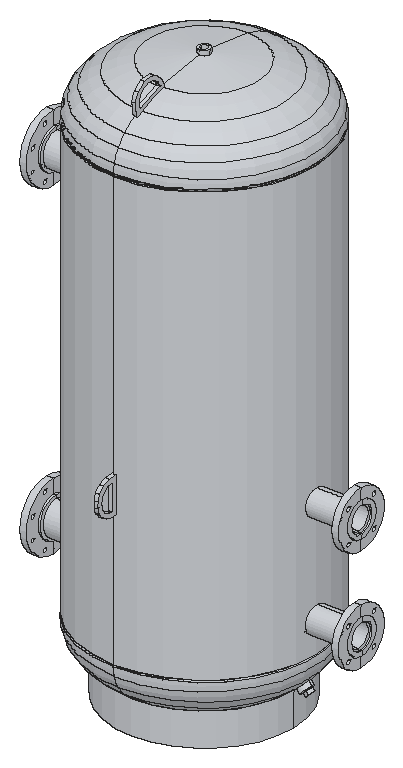
Revit family "HBT-210-34", category Generic Models, Revit 2014
Parameters (values of type "HBT-210-33")
  height [instance] = 75"
  URL = "http://westank.com/"
  Tank Volume = 210 gal
  Part Number = 55642133
  Model = "HBT-210-33"
  Maximum Shipping Weight = 546 lbf
  G = 14"
  F = 28"
  E = 58"
  Description = "Wessels ASME 4 Port Hot Water Buffer Tanks (HBT) are designed for use with today’s high efficiency systems that incorporate small modular low-mass boiler."
  D = 76 1/2"
  C = 30"
  B = 4"
  A = 3"
Reference planes (in)
  plane 1 "Center (Front/Back)": y = 0
  plane 2: z = 0
  plane 3 "Center (Left/Right)": x = 0
  plane 4: through (12.55282, -180, 5.24135) normal (0.8192, 0, -0.5736)
  plane 5: x = -15
  plane 6: x = 15
  plane 7: z = 0
  plane 8: y = 15
  plane 9: y = -15
  plane 10: x = -12
  plane 11: x = 12
  plane 12: z = 76.5
  plane 13: z = 58
  plane 14: z = 28
  plane 15: z = 14
Forms (in)
  Revolve 1, solid
    sketch origin (0, -0.02461, 0) x (0, 1, 0) y (0, 0, 1)
      loop
        line (-14.97539, 9.87397) -> (-14.812, 9.87397)
        arc (-14.812, 9.87397) -> (-14.83596, 9.78454) -> (-14.90143, 9.71907) r 0.17887
        arc (-14.90143, 9.71907) -> (-14.94991, 9.64836) -> (-14.97579, 9.56662) r 0.29232
        arc (-14.97579, 9.56662) -> (-14.96586, 8.98455) -> (-14.89468, 8.40676) r 5.51955
        arc (-14.89468, 8.40676) -> (-14.65184, 7.56116) -> (-14.23912, 6.78419) r 4.22443
        arc (-14.23912, 6.78419) -> (-13.71208, 6.0842) -> (-13.11424, 5.44361) r 8.30764
        arc (-13.11424, 5.44361) -> (-11.99363, 4.5369) -> (-10.73315, 3.83755) r 8.30764
        arc (-10.73315, 3.83755) -> (-9.02248, 3.06195) -> (-7.23223, 2.49367) r 15.88746
        arc (-7.23223, 2.49367) -> (-3.63165, 1.79117) -> (0.02461, 1.49214) r 33.04234
        line (0.02461, 1.49214) -> (0.02461, 1.66407)
        arc (0.02461, 1.66407) -> (-3.61037, 1.96174) -> (-7.19, 2.66027) r 32.87047
        arc (-7.19, 2.66027) -> (-8.96351, 3.22342) -> (-10.65802, 3.99223) r 15.71558
        arc (-10.65802, 3.99223) -> (-11.8952, 4.67783) -> (-12.99495, 5.56734) r 8.13577
        arc (-12.99495, 5.56734) -> (-13.58042, 6.19468) -> (-14.09655, 6.88019) r 8.13577
        arc (-14.09655, 6.88019) -> (-14.49248, 7.62554) -> (-14.72544, 8.43674) r 4.05256
        arc (-14.72544, 8.43674) -> (-14.79395, 8.9901) -> (-14.80447, 9.54759) r 5.34767
        arc (-14.80447, 9.54759) -> (-14.7971, 9.56945) -> (-14.78569, 9.5895) r 0.12044
        arc (-14.78569, 9.5895) -> (-14.67439, 9.72277) -> (-14.64064, 9.89308) r 0.35074
        line (-14.64064, 9.89308) -> (-14.84715, 9.89308) -> (-14.84715, 68.11189) -> (-14.64151, 68.11189)
        arc (-14.64151, 68.11189) -> (-14.67184, 68.28882) -> (-14.78573, 68.42758) r 0.35074
        arc (-14.78573, 68.42758) -> (-14.79712, 68.44763) -> (-14.80449, 68.46948) r 0.12045
        arc (-14.80449, 68.46948) -> (-14.79397, 69.02697) -> (-14.72546, 69.58033) r 5.34768
        arc (-14.72546, 69.58033) -> (-14.4925, 70.39153) -> (-14.09657, 71.13689) r 4.05257
        arc (-14.09657, 71.13689) -> (-13.58043, 71.8224) -> (-12.99497, 72.44973) r 8.13578
        arc (-12.99497, 72.44973) -> (-11.89524, 73.33924) -> (-10.65807, 74.02483) r 8.13578
        arc (-10.65807, 74.02483) -> (-8.96355, 74.79364) -> (-7.19005, 75.35678) r 15.71558
        arc (-7.19005, 75.35678) -> (-3.61055, 76.05529) -> (0.02429, 76.35297) r 32.87045
        line (0.02429, 76.35297) -> (0.02429, 76.52671)
        arc (0.02429, 76.52671) -> (-3.63245, 76.22766) -> (-7.2335, 75.52507) r 33.04334
        arc (-7.2335, 75.52507) -> (-9.02402, 74.95667) -> (-10.73493, 74.18092) r 15.88853
        arc (-10.73493, 74.18092) -> (-11.99625, 73.48117) -> (-13.11754, 72.57383) r 8.30893
        arc (-13.11754, 72.57383) -> (-13.7162, 71.93239) -> (-14.24389, 71.2314) r 8.30923
        arc (-14.24389, 71.2314) -> (-14.65697, 70.45395) -> (-14.90005, 69.6078) r 4.22701
        arc (-14.90005, 69.6078) -> (-14.97148, 69.02727) -> (-14.98111, 68.44244) r 5.52257
        arc (-14.98111, 68.44244) -> (-14.95423, 68.35606) -> (-14.90267, 68.28173) r 0.29803
        arc (-14.90267, 68.28173) -> (-14.837, 68.2147) -> (-14.81302, 68.12397) r 0.18362
        line (-14.81302, 68.12397) -> (-14.97539, 68.12397) -> (-14.97539, 9.87397)
      axis (0.02461, 1.49214) -> (0.02461, 76.52671)
    angle from 0 to 360
  Revolve 2, solid
    sketch origin (-1.82085, 0, 2.88409) x (0.981353, 0, -0.192215) y (0.192215, 0, 0.981353)
      loop
        line (14.71753, 6.11956) -> (14.66586, 6.1556) -> (14.25436, 5.56561) -> (14.86992, 5.13627) -> (15.24588, 5.6753) -> (15.19462, 5.71106) -> (15.31904, 5.88945) -> (14.80641, 6.24699) -> (14.71753, 6.11956)
      axis (14.25436, 5.56561) -> (14.86992, 5.13627)
    angle from 0 to 360
  Extrusion 3, solid
    sketch origin (13.38203, -180, 6.13049) x (0.718765, 0, 0.695254) y (0, -1, 0)
      loop
        line (-0.16036, -179.52645) -> (-0.95521, -179.68698) -> (-0.79485, -180.48095) -> (0, -180.32042) -> (-0.16036, -179.52645)
    from 1.02698 to 1.52678
  Extrusion 4, solid
    sketch origin (0, -3.06035, 6.47257) x (0, 1, 0) y (0, 0, 1)
      loop
        line (-11.93439, 21.33067) -> (-11.93439, 26.202)
        arc (-11.93439, 26.202) -> (-12.47846, 26.15164) -> (-13.01533, 26.05008) r 5.77422
        arc (-13.01533, 26.05008) -> (-13.49297, 25.89754) -> (-13.94252, 25.67548) r 3.35288
        arc (-13.94252, 25.67548) -> (-14.34081, 25.36666) -> (-14.64962, 24.96837) r 2.0073
        arc (-14.64962, 24.96837) -> (-14.80343, 24.58932) -> (-14.88788, 24.18906) r 2.30742
        arc (-14.88788, 24.18906) -> (-14.91277, 23.77188) -> (-14.88788, 23.3547) r 3.50846
        arc (-14.88788, 23.3547) -> (-14.79412, 22.92876) -> (-14.61961, 22.52904) r 2.24053
        arc (-14.61961, 22.52904) -> (-14.27401, 22.08806) -> (-13.80999, 21.77406) r 1.8078
        arc (-13.80999, 21.77406) -> (-13.34321, 21.55591) -> (-12.84107, 21.44044) r 2.44481
        arc (-12.84107, 21.44044) -> (-12.39043, 21.36326) -> (-11.93439, 21.33067) r 4.65484
      loop
        arc (-12.44611, 25.63929) -> (-12.67227, 25.60073) -> (-12.89654, 25.55235) r 5.2625
        arc (-12.89654, 25.55235) -> (-13.30128, 25.42308) -> (-13.68221, 25.23491) r 2.84116
        arc (-13.68221, 25.23491) -> (-13.97364, 25.01013) -> (-14.20134, 24.72098) r 1.49558
        arc (-14.20134, 24.72098) -> (-14.3163, 24.43235) -> (-14.37979, 24.12821) r 1.7957
        arc (-14.37979, 24.12821) -> (-14.40106, 23.77188) -> (-14.37979, 23.41555) r 2.99674
        arc (-14.37979, 23.41555) -> (-14.30745, 23.08689) -> (-14.17279, 22.77846) r 1.72881
        arc (-14.17279, 22.77846) -> (-13.91552, 22.45353) -> (-13.56884, 22.22643) r 1.29608
        arc (-13.56884, 22.22643) -> (-13.1779, 22.0402) -> (-12.75531, 21.94566) r 1.9331
        arc (-12.75531, 21.94566) -> (-12.60126, 21.91347) -> (-12.44611, 21.88716) r 4.14312
        line (-12.44611, 21.88716) -> (-12.44611, 25.63929)
    from -0.24366 to 0.25634
  Extrusion 5, solid
    sketch origin (0, -27.08534, 55.17934) x (0, 0.366501, -0.930418) y (0, 0.930418, 0.366501)
      loop
        arc (-12.0461, 25.71684) -> (-12.27227, 25.67827) -> (-12.49653, 25.62989) r 5.2625
        arc (-12.49653, 25.62989) -> (-12.90127, 25.50063) -> (-13.28221, 25.31246) r 2.84116
        arc (-13.28221, 25.31246) -> (-13.57363, 25.08767) -> (-13.80134, 24.79853) r 1.49558
        arc (-13.80134, 24.79853) -> (-13.9163, 24.50989) -> (-13.97979, 24.20576) r 1.7957
        arc (-13.97979, 24.20576) -> (-14.00105, 23.84943) -> (-13.97979, 23.4931) r 2.99674
        arc (-13.97979, 23.4931) -> (-13.90744, 23.16443) -> (-13.77279, 22.85601) r 1.72881
        arc (-13.77279, 22.85601) -> (-13.51552, 22.53108) -> (-13.16884, 22.30397) r 1.29608
        arc (-13.16884, 22.30397) -> (-12.77789, 22.11774) -> (-12.35531, 22.02321) r 1.9331
        arc (-12.35531, 22.02321) -> (-12.20126, 21.99102) -> (-12.0461, 21.9647) r 4.14312
        line (-12.0461, 21.9647) -> (-12.0461, 25.71684)
      loop
        line (-11.21056, 21.38893) -> (-11.21056, 26.21559)
        arc (-11.21056, 26.21559) -> (-12.19615, 26.22001) -> (-13.14349, 25.94808) r 3.48194
        arc (-13.14349, 25.94808) -> (-13.66357, 25.64991) -> (-14.11481, 25.25524) r 3.03185
        arc (-14.11481, 25.25524) -> (-14.39878, 24.60234) -> (-14.51622, 23.90011) r 2.91879
        arc (-14.51622, 23.90011) -> (-14.4511, 23.22451) -> (-14.20241, 22.59298) r 2.44012
        arc (-14.20241, 22.59298) -> (-13.8323, 22.13222) -> (-13.33474, 21.8133) r 1.83162
        arc (-13.33474, 21.8133) -> (-12.29509, 21.48877) -> (-11.21056, 21.38893) r 5.1769
    from -0.24366 to 0.25634
  Extrusion 6, solid
    sketch origin (0, 0, 4.5) x (1, 0, 0) y (0, 1, 0)
      loop
        circle (0, 0) r 0.75
      loop
        circle (0, 0) r 0.5
    from 71.36613 to 72.49354
  Extrusion 7, void
    sketch origin (0, 0, 0) x (1, 0, 0) y (0, 1, 0)
      loop
        circle (0, 0) r 0.5
    from 75.36543 to 78.67895
  Revolve 8, solid
    sketch origin (0, 0, 0) x (1, 0, 0) y (0, 0, 1)
      loop
        line (11.87609, 4.44941) -> (11.87609, 0) -> (12, 0) -> (12, 4.44941) -> (11.87609, 4.44941)
      axis (0, 4.44941) -> (0, 0)
    angle from 0 to 360
  Extrusion 9, void
    sketch origin (0, 0, -0.23106) x (0, 1, 0) y (0, 0, 1)
      loop
        circle (0, 14.25) r 1.53336
    from 0.25634 to 23.93552
  Revolve 10, solid
    sketch origin (0, 0, -0.50013) x (1, 0, 0) y (0, 0, 1)
      loop
        line (19.81367, 12.75376) -> (19.81367, 12.37446) -> (20.06367, 12.37446) -> (20.06367, 10.7502) -> (20.9375, 10.7502) -> (20.9375, 12.18553) -> (21, 12.18553) -> (21, 12.75376) -> (19.81367, 12.75376)
      axis (21, 14.50013) -> (19.81367, 14.50013)
    angle from 0 to 360
  Revolve 11, solid
    sketch origin (0, 0, -0.50013) x (-1, 0, 0) y (0, 0, 1)
      loop
        line (-14.1875, 12.96569) -> (-20.6875, 12.96569) -> (-20.6875, 12.74889) -> (-14.1875, 12.74889) -> (-14.1875, 12.96569)
      axis (-20.6875, 14.50013) -> (-14.1875, 14.50013)
    angle from 0 to 360
  Extrusion 12, void
    sketch origin (0, 0, -1) x (0, 1, 0) y (0, 0, 1)
      loop
        circle (2.1264, 17.13304) r 0.37541
      loop
        circle (-2.14004, 17.13188) r 0.37062
      loop
        circle (-2.1373, 12.88615) r 0.35809
      loop
        circle (2.11492, 12.89404) r 0.36553
    from 17.75793 to 24.4469
  Revolve 13, solid
    sketch origin (0, 0, 13.49987) x (1, 0, 0) y (0, 0, 1)
      loop
        line (19.81367, 12.75376) -> (19.81367, 12.37446) -> (20.06367, 12.37446) -> (20.06367, 10.7502) -> (20.9375, 10.7502) -> (20.9375, 12.18553) -> (21, 12.18553) -> (21, 12.75376) -> (19.81367, 12.75376)
      axis (21, 14.50013) -> (19.81367, 14.50013)
    angle from 0 to 360
  Revolve 14, solid
    sketch origin (0, 0, 13.49987) x (-1, 0, 0) y (0, 0, 1)
      loop
        line (-14.11539, 12.96569) -> (-20.6875, 12.96569) -> (-20.6875, 12.74889) -> (-14.11539, 12.74889) -> (-14.11539, 12.96569)
      axis (-20.6875, 14.50013) -> (-14.11539, 14.50013)
    angle from 0 to 360
  Extrusion 15, void
    sketch origin (0, 0, 13.74941) x (0, 1, 0) y (0, 0, 1)
      loop
        circle (0, 14.25) r 1.53336
    from 8.04145 to 23.93552
  Extrusion 16, void
    sketch origin (0, 0.03125, -1) x (0, 1, 0) y (0, 0, -1)
      loop
        circle (1.41194, -18.46116) r 0.39528
      loop
        circle (-1.48216, -18.49179) r 0.36756
      loop
        circle (-3.49908, -16.427) r 0.3574
      loop
        circle (-3.54543, -13.60383) r 0.30655
      loop
        circle (-1.46836, -11.53644) r 0.36497
      loop
        circle (1.42021, -11.50824) r 0.37383
      loop
        circle (3.46604, -13.56204) r 0.36477
      loop
        circle (3.43053, -16.44163) r 0.37216
    from 16.01613 to 23.68526
  Revolve 17, solid
    sketch origin (2.37971, 0, -0.50137) x (-1, 0, 0) y (0, 0, 1)
      loop
        line (22.06921, 12.25118) -> (22.06921, 11.84382) -> (22.44538, 11.84382) -> (22.44538, 9.99677) -> (23.31921, 9.99677) -> (23.31921, 11.40623) -> (23.38171, 11.40623) -> (23.38171, 12.25118) -> (22.06921, 12.25118)
      axis (23.38171, 14.50013) -> (22.06921, 14.50013)
    angle from 0 to 360
  Revolve 18, solid
    sketch origin (2.37971, 0, -0.50137) x (1, 0, 0) y (0, 0, 1)
      loop
        line (-16.50671, 12.48708) -> (-23.00671, 12.48708) -> (-23.00671, 12.24889) -> (-16.50671, 12.24889) -> (-16.50671, 12.48708)
      axis (-23.00671, 14.50013) -> (-16.50671, 14.50013)
    angle from 0 to 360
  Extrusion 19, void
    sketch origin (0.00049, 0.03125, 43.00248) x (0, 1, 0) y (0, 0, -1)
      loop
        circle (1.41194, -18.46116) r 0.39528
      loop
        circle (-1.48216, -18.49179) r 0.36756
      loop
        circle (-3.49908, -16.427) r 0.3574
      loop
        circle (-3.54543, -13.60383) r 0.30655
      loop
        circle (-1.46836, -11.53644) r 0.36497
      loop
        circle (1.42021, -11.50824) r 0.37383
      loop
        circle (3.46604, -13.56204) r 0.36477
      loop
        circle (3.43053, -16.44163) r 0.37216
    from 16.01613 to 23.68526
  Revolve 20, solid
    sketch origin (2.38019, 0, 43.50111) x (-1, 0, 0) y (0, 0, 1)
      loop
        line (22.06921, 12.25118) -> (22.06921, 11.84382) -> (22.44538, 11.84382) -> (22.44538, 9.99677) -> (23.31921, 9.99677) -> (23.31921, 11.40623) -> (23.38171, 11.40623) -> (23.38171, 12.25118) -> (22.06921, 12.25118)
      axis (23.38171, 14.50013) -> (22.06921, 14.50013)
    angle from 0 to 360
  Revolve 21, solid
    sketch origin (2.38019, 0, 43.50111) x (1, 0, 0) y (0, 0, 1)
      loop
        line (-16.50671, 12.48708) -> (-23.00671, 12.48708) -> (-23.00671, 12.24889) -> (-16.50671, 12.24889) -> (-16.50671, 12.48708)
      axis (-23.00671, 14.50013) -> (-16.50671, 14.50013)
    angle from 0 to 360
  Extrusion 22, void
    sketch origin (0, 0, 0) x (0, 1, 0) y (0, 0, 1)
      loop
        circle (0, 58.00124) r 2.01305
    from -25.85746 to -6.586
  Extrusion 23, void
    sketch origin (0, 0, -44.00248) x (0, 1, 0) y (0, 0, 1)
      loop
        circle (0, 58.00124) r 2.01305
    from -25.85746 to -6.586
  Extrusion 24, void
    sketch origin (0, 0, 12.99832) x (0, 1, 0) y (0, 0, 1)
      loop
        circle (2.1264, 17.13304) r 0.37541
      loop
        circle (-2.14004, 17.13188) r 0.37062
      loop
        circle (-2.1373, 12.88615) r 0.35809
      loop
        circle (2.11492, 12.89404) r 0.36553
    from 17.75793 to 24.4469
Cuts and joins
  joined: Extrusion 3, Extrusion 4, Extrusion 5, Extrusion 6, Revolve 8
  Extrusion 7, Extrusion 9, Extrusion 15, Extrusion 22, Extrusion 23 cuts Revolve 1
  Extrusion 12, Extrusion 24 cuts Revolve 10
  Extrusion 15 cuts Revolve 11
  Extrusion 16 cuts Revolve 17
  Extrusion 19 cuts Revolve 20
  Extrusion 23 cuts Revolve 21
  Extrusion 24 cuts Revolve 13
Dimensions and locks (in)
  equal spacing: plane 6, plane 3 "Center (Left/Right)", plane 5  (x2)
  "D": plane 12 to level
  "E": plane 13 to plane 7
  "F": plane 14 to plane 7
  "G": plane 15 to plane 7
  "C": plane 6 to plane 5
  aligned and locked: plane 2 to level
  aligned and locked: Revolve 8 sketch curve to plane 3 "Center (Left/Right)"
Automatic sketch dimensions
  Revolve 1 sketch curve to Revolve 1 sketch curve = 0"  (x33)
  Revolve 1 sketch curve to plane 9 = 0"
  Revolve 1 sketch curve to plane 1 "Center (Front/Back)" = 0"  (x2)
  Revolve 1 sketch curve to Revolve 1 sketch curve = 0.01547"
  plane 9 to Revolve 1 sketch curve = 0.01547"
  Revolve 1 sketch curve to Revolve 1 sketch curve = 0.00578"
  Revolve 1 sketch curve to plane 9 = 0.12824"
  Revolve 1 sketch curve to Revolve 1 sketch curve = 0.03413"
  Revolve 1 sketch curve to Revolve 1 sketch curve = 9/256"
  Revolve 1 sketch curve to plane 9 = 0.28821"
  Revolve 1 sketch curve to plane 9 = 0.28822"
  Revolve 1 sketch curve to Revolve 1 sketch curve = 0.00078"
  Revolve 1 sketch curve to Revolve 1 sketch curve = 0.17151"
  Revolve 1 sketch curve to Revolve 1 sketch curve = 0.17135"
  Revolve 1 sketch curve to Revolve 1 sketch curve = 3.94929"
  Revolve 1 sketch curve to Revolve 1 sketch curve = 0.00287"
  Revolve 1 sketch curve to Revolve 1 sketch curve = 3.95216"
  Revolve 1 sketch curve to Revolve 1 sketch curve = 1.2728"
  Revolve 1 sketch curve to Revolve 1 sketch curve = 0.00246"
  Revolve 1 sketch curve to Revolve 1 sketch curve = 1.27526"
  Revolve 1 sketch curve to Revolve 1 sketch curve = 2.11145"
  Revolve 1 sketch curve to Revolve 1 sketch curve = 0.00084"
  Revolve 1 sketch curve to Revolve 1 sketch curve = 0.00187"
  Revolve 1 sketch curve to Revolve 1 sketch curve = 2.11171"
  plane 13 to Revolve 1 sketch curve = 2.12355"
  plane 1 "Center (Front/Back)" to Revolve 1 sketch curve = 3.35442"
  Revolve 1 sketch curve to Revolve 1 sketch curve = 0.00082"
  plane 1 "Center (Front/Back)" to Revolve 1 sketch curve = 3.35353"
  plane 1 "Center (Front/Back)" to Revolve 1 sketch curve = 0.00031"
  Revolve 1 sketch curve to plane 1 "Center (Front/Back)" = 0.86039"
  Revolve 1 sketch curve to Revolve 1 sketch curve = 0.00067"
  Revolve 1 sketch curve to plane 1 "Center (Front/Back)" = 0.86116"
  Revolve 1 sketch curve to Revolve 1 sketch curve = 0.00068"
  plane 14 to Revolve 1 sketch curve = 15.49457"
  Revolve 1 sketch curve to Revolve 1 sketch curve = 0.00077"
  plane 14 to Revolve 1 sketch curve = 6.52326"
  plane 15 to Revolve 1 sketch curve = 3.89417"
  Revolve 1 sketch curve to plane 15 = 2.57575"
  Revolve 1 sketch curve to plane 15 = 4.10692"
  Revolve 1 sketch curve to Revolve 1 sketch curve = 0.01911"  (x2)
  Revolve 1 sketch curve to Revolve 1 sketch curve = 0.35376"
  Revolve 1 sketch curve to Revolve 1 sketch curve = 2 7/128"
  Revolve 1 sketch curve to Revolve 1 sketch curve = 0.22592"
  level to Revolve 1 sketch curve = 1 85/128"
  Revolve 1 sketch curve to Revolve 1 sketch curve = 0.17193"
  plane 13 to Revolve 1 sketch curve = 8.59154"
  Revolve 1 sketch curve to Revolve 1 sketch curve = 0.00123"
  Revolve 1 sketch curve to Revolve 1 sketch curve = 0.00005"
  Revolve 1 sketch curve to Revolve 1 sketch curve = 1.52034"
  Revolve 1 sketch curve to Revolve 1 sketch curve = 0.01209"
  Revolve 1 sketch curve to Revolve 1 sketch curve = 0.3749"
  Revolve 1 sketch curve to Revolve 1 sketch curve = 0.01007"
  Revolve 1 sketch curve to Revolve 1 sketch curve = 2.05124"
  Revolve 1 sketch curve to Revolve 1 sketch curve = 0.00348"
  Revolve 1 sketch curve to Revolve 1 sketch curve = 0.2261"
  Revolve 1 sketch curve to Revolve 1 sketch curve = 0.0033"
  Revolve 1 sketch curve to plane 12 = 0.14703"
  Revolve 1 sketch curve to Revolve 1 sketch curve = 0.17374"
  plane 9 to Revolve 1 sketch curve = 0.0004"
  plane 9 to Revolve 1 sketch curve = 0.00572"
  Revolve 1 sketch curve to plane 9 = 0.07272"
  Revolve 1 sketch curve to plane 9 = 0.07396"
  Revolve 1 sketch curve to Revolve 1 sketch curve = 0.11808"
  Revolve 1 sketch curve to Revolve 1 sketch curve = 0.11729"
  Revolve 1 sketch curve to Revolve 1 sketch curve = 0.01876"
  Revolve 1 sketch curve to Revolve 1 sketch curve = 0.01878"
  Revolve 1 sketch curve to Revolve 1 sketch curve = 0.14732"
  Revolve 1 sketch curve to Revolve 1 sketch curve = 0.97903"
  Revolve 1 sketch curve to Revolve 1 sketch curve = 0.98231"
  Revolve 1 sketch curve to Revolve 1 sketch curve = 0.12257"
  Revolve 1 sketch curve to Revolve 1 sketch curve = 0.1193"
  Revolve 1 sketch curve to Revolve 1 sketch curve = 2.26004"
  Revolve 1 sketch curve to Revolve 1 sketch curve = 2.26179"
  Revolve 1 sketch curve to Revolve 1 sketch curve = 0.07686"
  Revolve 1 sketch curve to Revolve 1 sketch curve = 0.07513"
  Revolve 1 sketch curve to Revolve 1 sketch curve = 1.88017"
  plane 14 to Revolve 1 sketch curve = 0.89308"
  plane 4 to Revolve 2 sketch curve = 0.35169"
  plane 11 to Revolve 2 sketch curve = 1.2375"
  Revolve 2 sketch curve to Revolve 2 sketch curve = 0.4115"
  Revolve 2 sketch curve to Revolve 2 sketch curve = 0.05167"
  Revolve 2 sketch curve to Revolve 2 sketch curve = 0.08888"
  Revolve 2 sketch curve to Revolve 2 sketch curve = 0.61556"
  Revolve 2 sketch curve to Revolve 2 sketch curve = 0.47709"
  Revolve 2 sketch curve to Revolve 2 sketch curve = 0.05126"
  Revolve 2 sketch curve to Revolve 2 sketch curve = 0.42934"
  Revolve 2 sketch curve to Revolve 2 sketch curve = 0.12768"
  Revolve 2 sketch curve to Revolve 2 sketch curve = 0"  (x2)
  Revolve 2 sketch curve to Revolve 2 sketch curve = 0.08905"
  plane 1 "Center (Front/Back)" to Extrusion 3 sketch curve = 0.31302"
  Extrusion 3 sketch curve to plane 1 "Center (Front/Back)" = 0.48095"
  Extrusion 3 sketch curve to Extrusion 3 sketch curve = 0.16036"  (x2)
  plane 1 "Center (Front/Back)" to Extrusion 3 sketch curve = 0.47355"
  Extrusion 3 sketch curve to Extrusion 3 sketch curve = 0.79485"
  Extrusion 3 sketch curve to plane 1 "Center (Front/Back)" = 0.32042"
  Extrusion 4 sketch curve to Extrusion 4 sketch curve = 0"  (x24)
  plane 9 to Extrusion 4 sketch curve = 1.10144"
  Extrusion 4 sketch curve to Extrusion 4 sketch curve = 0.11966"
  Extrusion 4 sketch curve to Extrusion 4 sketch curve = 0.25819"
  Extrusion 4 sketch curve to Extrusion 4 sketch curve = 17/256"
  Extrusion 4 sketch curve to Extrusion 4 sketch curve = 0.04958"
  plane 9 to Extrusion 4 sketch curve = 0.50646"
  plane 9 to Extrusion 4 sketch curve = 0.29731"
  Extrusion 4 sketch curve to plane 9 = 0.00526"
  Extrusion 4 sketch curve to plane 9 = 0.10864"
  Extrusion 4 sketch curve to plane 9 = 0.26481"
  Extrusion 4 sketch curve to plane 9 = 0.53533"
  Extrusion 4 sketch curve to plane 14 = 1.09381"
  Extrusion 4 sketch curve to plane 14 = 0.19675"
  plane 14 to Extrusion 4 sketch curve = 0.35973"
  Extrusion 4 sketch curve to Extrusion 4 sketch curve = 0.90165"
  Extrusion 4 sketch curve to Extrusion 4 sketch curve = 0.62139"
  Extrusion 4 sketch curve to Extrusion 4 sketch curve = 27/128"
  Extrusion 4 sketch curve to Extrusion 4 sketch curve = 0.15076"
  Extrusion 4 sketch curve to Extrusion 4 sketch curve = 0.24641"
  Extrusion 4 sketch curve to Extrusion 4 sketch curve = 0.04716"
  Extrusion 4 sketch curve to Extrusion 4 sketch curve = 0.0326"
  Extrusion 4 sketch curve to Extrusion 4 sketch curve = 1.7246"
  Extrusion 4 sketch curve to Extrusion 4 sketch curve = 0.34507"
  Extrusion 4 sketch curve to Extrusion 4 sketch curve = 0.21764"
  plane 14 to Extrusion 4 sketch curve = 0.699"
  Extrusion 4 sketch curve to Extrusion 4 sketch curve = 1.12273"
  Extrusion 4 sketch curve to Extrusion 4 sketch curve = 0.78568"
  plane 14 to Extrusion 4 sketch curve = 0.24664"
  Extrusion 4 sketch curve to Extrusion 4 sketch curve = 0.24115"
  Extrusion 4 sketch curve to Extrusion 4 sketch curve = 0.2603"
  Extrusion 4 sketch curve to Extrusion 4 sketch curve = 0.51913"
  Extrusion 4 sketch curve to Extrusion 4 sketch curve = 0.44829"
  Extrusion 5 sketch curve to plane 12 = 0.95088"
  Extrusion 5 sketch curve to plane 9 = 5.13509"
  Extrusion 5 sketch curve to Extrusion 5 sketch curve = 0.03301"
  Extrusion 5 sketch curve to Extrusion 5 sketch curve = 0.08665"
  Extrusion 5 sketch curve to Extrusion 5 sketch curve = 0.34483"
  Extrusion 5 sketch curve to Extrusion 5 sketch curve = 17/256"
  Extrusion 5 sketch curve to Extrusion 5 sketch curve = 0.04958"
  Extrusion 5 sketch curve to Extrusion 5 sketch curve = 0.06885"
  Extrusion 5 sketch curve to Extrusion 5 sketch curve = 0.15073"
  Extrusion 5 sketch curve to Extrusion 5 sketch curve = 0.36028"
  Extrusion 5 sketch curve to Extrusion 5 sketch curve = 0.06601"
  Extrusion 5 sketch curve to Extrusion 5 sketch curve = 0.11815"
  Extrusion 5 sketch curve to Extrusion 5 sketch curve = 0.47821"
  Extrusion 5 sketch curve to Extrusion 5 sketch curve = 0.6151"
  Extrusion 5 sketch curve to Extrusion 5 sketch curve = 0.15011"
  Extrusion 5 sketch curve to Extrusion 5 sketch curve = 0.77126"
  Extrusion 5 sketch curve to Extrusion 5 sketch curve = 0.22045"
  Extrusion 5 sketch curve to Extrusion 5 sketch curve = 0.59588"
  Extrusion 5 sketch curve to Extrusion 5 sketch curve = 0.3061"
  Extrusion 5 sketch curve to Extrusion 5 sketch curve = 0.31529"
  Extrusion 5 sketch curve to Extrusion 5 sketch curve = 0.0954"
  Extrusion 5 sketch curve to Extrusion 5 sketch curve = 0.80625"
  Extrusion 5 sketch curve to Extrusion 5 sketch curve = 0.57577"
  Extrusion 5 sketch curve to Extrusion 5 sketch curve = 0.87777"
  Extrusion 5 sketch curve to Extrusion 5 sketch curve = 0.00686"
  Extrusion 5 sketch curve to Extrusion 5 sketch curve = 0.20406"
  Extrusion 5 sketch curve to Extrusion 5 sketch curve = 0.59172"
  Extrusion 5 sketch curve to Extrusion 5 sketch curve = 0.09548"
  Extrusion 5 sketch curve to Extrusion 5 sketch curve = 0.07607"
  Extrusion 5 sketch curve to Extrusion 5 sketch curve = 0.15093"
  Extrusion 5 sketch curve to Extrusion 5 sketch curve = 0.04716"
  Extrusion 5 sketch curve to Extrusion 5 sketch curve = 0.0326"
  Extrusion 5 sketch curve to Extrusion 5 sketch curve = 1.7246"
  Extrusion 5 sketch curve to Extrusion 5 sketch curve = 0.34507"
  Extrusion 5 sketch curve to Extrusion 5 sketch curve = 0.15369"
  Extrusion 5 sketch curve to Extrusion 5 sketch curve = 0.34976"
  Extrusion 5 sketch curve to Extrusion 5 sketch curve = 0"  (x6)
  Extrusion 5 sketch curve to Extrusion 5 sketch curve = 0.1659"
  Extrusion 5 sketch curve to Extrusion 5 sketch curve = 0.13872"
  Extrusion 5 sketch curve to Extrusion 5 sketch curve = 0.42962"
  Extrusion 5 sketch curve to Extrusion 5 sketch curve = 0.51913"
  Extrusion 5 sketch curve to Extrusion 5 sketch curve = 0.31348"
  Extrusion 6 sketch curve to Extrusion 6 sketch curve = 0"  (x2)
  plane 1 "Center (Front/Back)" to Extrusion 6 sketch curve = 0"
  Extrusion 6 sketch curve to plane 3 "Center (Left/Right)" = 0"
  Extrusion 7 sketch curve to Extrusion 7 sketch curve = 0"  (x2)
  plane 1 "Center (Front/Back)" to Extrusion 7 sketch curve = 0"
  Extrusion 7 sketch curve to plane 3 "Center (Left/Right)" = 0"
  Extrusion 7 sketch curve to plane 3 "Center (Left/Right)" = 1/2"
  Revolve 8 sketch curve to level = 0"
  Revolve 8 sketch curve to plane 11 = 0"
  Revolve 8 sketch curve to plane 11 = 0.12391"
  level to Revolve 8 sketch curve = 4.44941"
  level to Revolve 8 sketch curve = 4.69941"
  Revolve 8 sketch curve to Revolve 8 sketch curve = 1"
  Extrusion 9 sketch curve to Extrusion 9 sketch curve = 0"  (x2)
  Extrusion 9 sketch curve to plane 1 "Center (Front/Back)" = 0"
  plane 15 to Extrusion 9 sketch curve = 0.01894"
  Extrusion 9 sketch curve to plane 15 = 1.51442"
  Revolve 10 sketch curve to plane 15 = 0"
  Revolve 10 sketch curve to plane 15 = 2.12567"
  plane 6 to Revolve 10 sketch curve = 4.81367"
  Revolve 10 sketch curve to Revolve 10 sketch curve = 1/4"
  Revolve 10 sketch curve to Revolve 10 sketch curve = 0.87383"
  Revolve 10 sketch curve to Revolve 10 sketch curve = 1/16"
  Revolve 10 sketch curve to Revolve 10 sketch curve = 0.18892"
  Revolve 10 sketch curve to Revolve 10 sketch curve = 1.62426"
  Revolve 10 sketch curve to Revolve 10 sketch curve = 0.3793"
  Revolve 10 sketch curve to plane 6 = 0.66921"
  Revolve 10 sketch curve to Revolve 10 sketch curve = 0.68278"
  Revolve 11 sketch curve to plane 15 = 0"
  plane 15 to Revolve 11 sketch curve = 1.53445"
  Revolve 11 sketch curve to plane 6 = 5 11/16"
  plane 6 to Revolve 11 sketch curve = 13/16"
  Revolve 11 sketch curve to Revolve 11 sketch curve = 0.2168"
  plane 6 to Revolve 11 sketch curve = 0.51485"
  Revolve 11 sketch curve to Revolve 11 sketch curve = 0.36015"
  plane 1 "Center (Front/Back)" to Extrusion 12 sketch curve = 2.14004"
  plane 1 "Center (Front/Back)" to Extrusion 12 sketch curve = 2.1373"
  Extrusion 12 sketch curve to plane 1 "Center (Front/Back)" = 2.11492"
  Extrusion 12 sketch curve to plane 1 "Center (Front/Back)" = 2.1264"
  Extrusion 12 sketch curve to plane 15 = 2.11385"
  Extrusion 12 sketch curve to plane 15 = 2.10596"
  plane 15 to Extrusion 12 sketch curve = 2.13188"
  plane 15 to Extrusion 12 sketch curve = 2.13304"
  Revolve 13 sketch curve to plane 14 = 0"
  Revolve 13 sketch curve to plane 14 = 2.12567"
  plane 6 to Revolve 13 sketch curve = 4.81367"
  Revolve 13 sketch curve to Revolve 13 sketch curve = 1/4"
  Revolve 13 sketch curve to Revolve 13 sketch curve = 0.87383"
  Revolve 13 sketch curve to Revolve 13 sketch curve = 1/16"
  Revolve 13 sketch curve to Revolve 13 sketch curve = 0.18892"
  Revolve 13 sketch curve to Revolve 13 sketch curve = 1.62426"
  Revolve 13 sketch curve to Revolve 13 sketch curve = 0.3793"
  Revolve 13 sketch curve to plane 6 = 0.66921"
  Revolve 13 sketch curve to Revolve 13 sketch curve = 0.68278"
  Revolve 14 sketch curve to plane 14 = 0"
  plane 14 to Revolve 14 sketch curve = 1.75124"
  Revolve 14 sketch curve to plane 6 = 5 11/16"
  plane 6 to Revolve 14 sketch curve = 0.88461"
  Revolve 14 sketch curve to Revolve 14 sketch curve = 0.2168"
  plane 6 to Revolve 14 sketch curve = 0.51485"
  Revolve 14 sketch curve to Revolve 14 sketch curve = 0.36015"
  Extrusion 15 sketch curve to Extrusion 15 sketch curve = 0"  (x2)
  Extrusion 15 sketch curve to plane 1 "Center (Front/Back)" = 0"
  Extrusion 15 sketch curve to plane 14 = 0.00059"
  Extrusion 15 sketch curve to Extrusion 15 sketch curve = 1.53336"
  Extrusion 16 sketch curve to plane 15 = 1.39617"
  plane 1 "Center (Front/Back)" to Extrusion 16 sketch curve = 3.51418"
  Extrusion 16 sketch curve to Extrusion 16 sketch curve = 0.04634"
  plane 1 "Center (Front/Back)" to Extrusion 16 sketch curve = 1.45091"
  plane 1 "Center (Front/Back)" to Extrusion 16 sketch curve = 1.43711"
  Extrusion 16 sketch curve to plane 1 "Center (Front/Back)" = 1.44319"
  Extrusion 16 sketch curve to plane 1 "Center (Front/Back)" = 1.45146"
  Extrusion 16 sketch curve to Extrusion 16 sketch curve = 2.01859"
  Extrusion 16 sketch curve to plane 15 = 1.43796"
  Extrusion 16 sketch curve to Extrusion 16 sketch curve = 0.03551"
  plane 15 to Extrusion 16 sketch curve = 1.427"
  plane 15 to Extrusion 16 sketch curve = 1.44163"
  Extrusion 16 sketch curve to Extrusion 16 sketch curve = 2 5/256"
  Extrusion 16 sketch curve to Extrusion 16 sketch curve = 2.0648"
  Extrusion 16 sketch curve to Extrusion 16 sketch curve = 2.06739"
  Extrusion 16 sketch curve to Extrusion 16 sketch curve = 0.0282"
  plane 5 to Revolve 17 sketch curve = 4.6895"
  Revolve 17 sketch curve to Revolve 17 sketch curve = 0.37617"
  Revolve 17 sketch curve to Revolve 17 sketch curve = 0.87383"
  Revolve 17 sketch curve to Revolve 17 sketch curve = 1/16"
  plane 15 to Revolve 17 sketch curve = 4.50461"
  Revolve 17 sketch curve to Revolve 17 sketch curve = 1.40947"
  Revolve 17 sketch curve to Revolve 17 sketch curve = 0.43758"
  Revolve 17 sketch curve to Revolve 17 sketch curve = 0.40737"
  plane 15 to Revolve 17 sketch curve = 0.00124"
  Revolve 17 sketch curve to plane 10 = 0.04892"
  Revolve 17 sketch curve to Revolve 17 sketch curve = 0.68278"
  Revolve 18 sketch curve to plane 15 = 2.01429"
  Revolve 18 sketch curve to plane 5 = 5.627"
  plane 5 to Revolve 18 sketch curve = 0.873"
  Revolve 18 sketch curve to Revolve 18 sketch curve = 0.23819"
  Revolve 18 sketch curve to plane 15 = 0.00124"
  Revolve 18 sketch curve to plane 10 = 0.10544"
  plane 10 to Revolve 18 sketch curve = 0.25471"
  Extrusion 19 sketch curve to plane 13 = 1.39369"
  plane 1 "Center (Front/Back)" to Extrusion 19 sketch curve = 3.51418"
  Extrusion 19 sketch curve to Extrusion 19 sketch curve = 0.04634"
  plane 1 "Center (Front/Back)" to Extrusion 19 sketch curve = 1.45091"
  plane 1 "Center (Front/Back)" to Extrusion 19 sketch curve = 1.43711"
  Extrusion 19 sketch curve to plane 1 "Center (Front/Back)" = 1.44319"
  Extrusion 19 sketch curve to plane 1 "Center (Front/Back)" = 1.45146"
  Extrusion 19 sketch curve to Extrusion 19 sketch curve = 2.01859"
  Extrusion 19 sketch curve to plane 13 = 1.43547"
  Extrusion 19 sketch curve to Extrusion 19 sketch curve = 0.03551"
  plane 13 to Extrusion 19 sketch curve = 1.42948"
  plane 13 to Extrusion 19 sketch curve = 1.44411"
  Extrusion 19 sketch curve to Extrusion 19 sketch curve = 2 5/256"
  Extrusion 19 sketch curve to Extrusion 19 sketch curve = 2.0648"
  Extrusion 19 sketch curve to Extrusion 19 sketch curve = 2.06739"
  Extrusion 19 sketch curve to Extrusion 19 sketch curve = 0.0282"
  plane 5 to Revolve 20 sketch curve = 4.68901"
  Revolve 20 sketch curve to Revolve 20 sketch curve = 0.37617"
  Revolve 20 sketch curve to Revolve 20 sketch curve = 0.87383"
  Revolve 20 sketch curve to Revolve 20 sketch curve = 1/16"
  plane 13 to Revolve 20 sketch curve = 4.50212"
  Revolve 20 sketch curve to Revolve 20 sketch curve = 1.40947"
  Revolve 20 sketch curve to Revolve 20 sketch curve = 0.43758"
  Revolve 20 sketch curve to Revolve 20 sketch curve = 0.40737"
  Revolve 20 sketch curve to plane 13 = 0.00124"
  Revolve 20 sketch curve to plane 10 = 0.04941"
  Revolve 20 sketch curve to Revolve 20 sketch curve = 0.68278"
  Revolve 21 sketch curve to plane 13 = 2.01181"
  Revolve 21 sketch curve to plane 5 = 5.62651"
  plane 5 to Revolve 21 sketch curve = 0.87349"
  Revolve 21 sketch curve to Revolve 21 sketch curve = 0.23819"
  plane 13 to Revolve 21 sketch curve = 0.00124"
  Revolve 21 sketch curve to plane 10 = 0.10495"
  plane 10 to Revolve 21 sketch curve = 0.25519"
  Extrusion 22 sketch curve to Extrusion 22 sketch curve = 0"  (x2)
  Extrusion 22 sketch curve to plane 1 "Center (Front/Back)" = 0"
  plane 13 to Extrusion 22 sketch curve = 0.00124"
  Extrusion 22 sketch curve to plane 13 = 2.01181"
  Extrusion 23 sketch curve to Extrusion 23 sketch curve = 0"  (x2)
  Extrusion 23 sketch curve to plane 1 "Center (Front/Back)" = 0"
  Extrusion 23 sketch curve to plane 15 = 0.00124"
  Extrusion 23 sketch curve to Extrusion 23 sketch curve = 2.01305"
  plane 1 "Center (Front/Back)" to Extrusion 24 sketch curve = 2.14004"
  plane 1 "Center (Front/Back)" to Extrusion 24 sketch curve = 2.1373"
  Extrusion 24 sketch curve to plane 1 "Center (Front/Back)" = 2.11492"
  Extrusion 24 sketch curve to plane 1 "Center (Front/Back)" = 2.1264"
  Extrusion 24 sketch curve to plane 14 = 2.11553"
  Extrusion 24 sketch curve to plane 14 = 2.10764"
  plane 14 to Extrusion 24 sketch curve = 2.1302"
  plane 14 to Extrusion 24 sketch curve = 2.13136"
  radius of Extrusion 6 sketch curve = 3/4"
  radius of Extrusion 6 sketch curve = 1/2"
  radius of Extrusion 12 sketch curve = 0.37541"
  radius of Extrusion 12 sketch curve = 0.37062"
  radius of Extrusion 12 sketch curve = 0.35809"
  radius of Extrusion 12 sketch curve = 0.36553"
  radius of Extrusion 16 sketch curve = 0.39528"
  radius of Extrusion 16 sketch curve = 0.36756"
  radius of Extrusion 16 sketch curve = 0.3574"
  radius of Extrusion 16 sketch curve = 0.30655"
  radius of Extrusion 16 sketch curve = 0.36497"
  radius of Extrusion 16 sketch curve = 0.37383"
  radius of Extrusion 16 sketch curve = 0.36477"
  radius of Extrusion 16 sketch curve = 0.37216"
  radius of Extrusion 19 sketch curve = 0.39528"
  radius of Extrusion 19 sketch curve = 0.36756"
  radius of Extrusion 19 sketch curve = 0.3574"
  radius of Extrusion 19 sketch curve = 0.30655"
  radius of Extrusion 19 sketch curve = 0.36497"
  radius of Extrusion 19 sketch curve = 0.37383"
  radius of Extrusion 19 sketch curve = 0.36477"
  radius of Extrusion 19 sketch curve = 0.37216"
  radius of Extrusion 24 sketch curve = 0.37541"
  radius of Extrusion 24 sketch curve = 0.37062"
  radius of Extrusion 24 sketch curve = 0.35809"
  radius of Extrusion 24 sketch curve = 0.36553"
Connectors (in)
  piping at (21, 0, 14), diameter 3, driven by "A"
    settings: on Revolve 10, index 2, connector inside diameter 24", connector length 0", flow factor 0, pipe flow 0 GPM, pressure drop 0.00 psi, fitting loss kfactor 0, connector angle 0.00°, fixture units 0, engagement length 0", angle of deflection 0.00°, flow configuration 0, flow direction 0, fitting loss method 0, system type 7, joint type 0, gender type 0, connector reference index -1, connector utility 0, adjustable connector no, is connector primary yes, connector description ""
  piping at (21, 0, 28), diameter 3, driven by "A"
    settings: on Revolve 13, index 3, connector inside diameter 24", connector length 0", flow factor 0, pipe flow 0 GPM, pressure drop 0.00 psi, fitting loss kfactor 0, connector angle 0.00°, fixture units 0, engagement length 0", angle of deflection 0.00°, flow configuration 0, flow direction 0, fitting loss method 0, system type 7, joint type 0, gender type 0, connector reference index -1, connector utility 0, adjustable connector no, is connector primary no, connector description ""
  piping at (-21.002, 0, 13.99876), diameter 4, driven by "B"
    settings: on Revolve 17, index 8, connector inside diameter 24", connector length 0", flow factor 0, pipe flow 0 GPM, pressure drop 0.00 psi, fitting loss kfactor 0, connector angle 0.00°, fixture units 0, engagement length 0", angle of deflection 0.00°, flow configuration 0, flow direction 0, fitting loss method 0, system type 7, joint type 0, gender type 0, connector reference index -1, connector utility 0, adjustable connector no, is connector primary no, connector description ""
  piping at (-21.00151, 0, 58.00124), diameter 4, driven by "B"
    settings: on Revolve 20, index 9, connector inside diameter 24", connector length 0", flow factor 0, pipe flow 0 GPM, pressure drop 0.00 psi, fitting loss kfactor 0, connector angle 0.00°, fixture units 0, engagement length 0", angle of deflection 0.00°, flow configuration 0, flow direction 0, fitting loss method 0, system type 7, joint type 0, gender type 0, connector reference index -1, connector utility 0, adjustable connector no, is connector primary no, connector description ""
